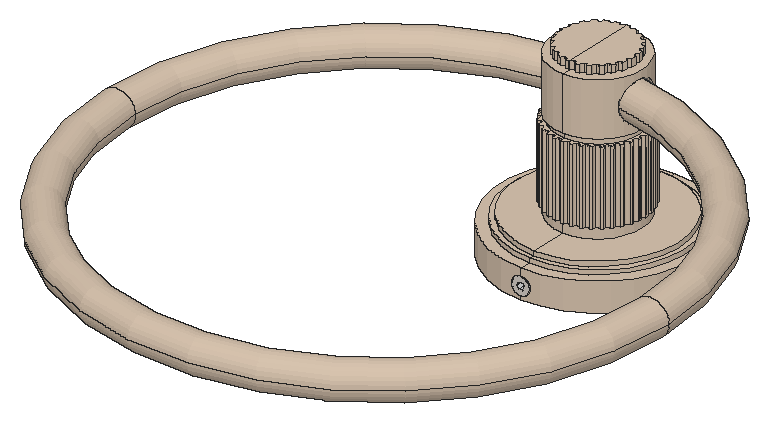
Revit family "Accessory-Towel_Ring-KALLISTA-Vir_Stil-P80246", category Specialty Equipment, host Face, Revit 2021 (continued)
Definition of nested family "P80246"
  Lines and regions (in)
    symbolic lines, detail levels medium+fine
      curve 354: arc (0.40328, -0.08768, 1.70841) -> (0.39795, -0.10935, 1.70841) -> (0.39146, -0.13071, 1.70841) r 0.4127
      curve 355: arc (0.35209, -0.11756, 1.70841) -> (0.34143, -0.14564, 1.70841) -> (0.32854, -0.17276, 1.70841) r 0.3712
      curve 356: arc (0.30294, -0.21451, 1.70841) -> (0.28865, -0.23338, 1.70841) -> (0.27319, -0.25131, 1.70841) r 0.3712
      curve 357: arc (0.23459, -0.28767, 1.70841) -> (0.21412, -0.30322, 1.70841) -> (0.19263, -0.3173, 1.70841) r 0.3712
      curve 358: arc (0.14146, -0.34319, 1.70841) -> (0.10584, -0.35579, 1.70841) -> (0.06912, -0.36471, 1.70841) r 0.3712
      curve 359: arc (0.4127, 0, 1.70841) -> (0.41224, -0.01947, 1.70841) -> (0.41086, -0.03889, 1.70841) r 0.4127
      curve 360: arc (0, -0.3712, 1.70841) -> (-0.03471, -0.36957, 1.70841) -> (-0.06912, -0.36471, 1.70841) r 0.3712
      curve 361: line (-0.06912, -0.36471, 1.70841) -> (-0.07685, -0.40548, 1.70841)
      curve 362: line (-0.14146, -0.34319, 1.70841) -> (-0.15728, -0.38156, 1.70841)
      curve 363: line (-0.19263, -0.3173, 1.70841) -> (-0.21417, -0.35278, 1.70841)
      curve 364: line (-0.23459, -0.28767, 1.70841) -> (-0.26407, -0.31715, 1.70841)
      curve 365: line (-0.27319, -0.25131, 1.70841) -> (-0.30256, -0.28067, 1.70841)
      curve 366: line (-0.30294, -0.21451, 1.70841) -> (-0.33681, -0.2385, 1.70841)
      curve 367: line (-0.32854, -0.17276, 1.70841) -> (-0.36528, -0.19208, 1.70841)
      curve 368: line (-0.35209, -0.11756, 1.70841) -> (-0.39146, -0.13071, 1.70841)
      curve 369: line (-0.36272, -0.07886, 1.70841) -> (-0.40328, -0.08768, 1.70841)
      curve 370: line (-0.36955, -0.03498, 1.70841) -> (-0.41086, -0.03889, 1.70841)
      curve 371: arc (-0.07685, -0.40548, 1.70841) -> (-0.11767, -0.39557, 1.70841) -> (-0.15728, -0.38156, 1.70841) r 0.4127
      curve 372: arc (-0.14146, -0.34319, 1.70841) -> (-0.16755, -0.33124, 1.70841) -> (-0.19263, -0.3173, 1.70841) r 0.3712
      curve 373: arc (-0.21417, -0.35278, 1.70841) -> (-0.23978, -0.3359, 1.70841) -> (-0.26407, -0.31715, 1.70841) r 0.4127
      curve 374: arc (-0.23459, -0.28767, 1.70841) -> (-0.25454, -0.27018, 1.70841) -> (-0.27319, -0.25131, 1.70841) r 0.3712
      curve 375: arc (-0.30256, -0.28067, 1.70841) -> (-0.32038, -0.26015, 1.70841) -> (-0.33681, -0.2385, 1.70841) r 0.4127
      curve 376: arc (-0.30294, -0.21451, 1.70841) -> (-0.31643, -0.19406, 1.70841) -> (-0.32854, -0.17276, 1.70841) r 0.3712
      curve 377: arc (-0.36528, -0.19208, 1.70841) -> (-0.37961, -0.16192, 1.70841) -> (-0.39146, -0.13071, 1.70841) r 0.4127
      curve 378: arc (-0.35209, -0.11756, 1.70841) -> (-0.35793, -0.09836, 1.70841) -> (-0.36272, -0.07886, 1.70841) r 0.3712
      curve 379: arc (-0.40328, -0.08768, 1.70841) -> (-0.4078, -0.0634, 1.70841) -> (-0.41086, -0.03889, 1.70841) r 0.4127
      curve 380: arc (-0.36955, -0.03498, 1.70841) -> (-0.37078, -0.01751, 1.70841) -> (-0.3712, 0, 1.70841) r 0.3712
      curve 381: circle (0, 0, 1.70841) r 0.47244 normal (0, 0, 1)
      curve 382: arc (0, -0.90158, 1.70841) -> (0.51174, -0.74227, 1.70841) -> (0.84263, -0.32065, 1.70841) r 0.90158
      curve 383: arc (0, 0.90158, 1.70841) -> (-0.6095, 0.66434, 1.70841) -> (-0.89824, 0.07748, 1.70841) r 0.90158
      curve 384: arc (0, 0.96063, 1.70841) -> (-0.65809, 0.69981, 1.70841) -> (-0.95882, 0.05898, 1.70841) r 0.96063
      curve 385: arc (0, -0.96063, 1.70841) -> (0.54641, -0.79009, 1.70841) -> (0.89881, -0.33904, 1.70841) r 0.96063
      curve 386: arc (-0.84312, -0.31936, 1.70841) -> (-0.5123, -0.74188, 1.70841) -> (0, -0.90158, 1.70841) r 0.90158
      curve 387: arc (-0.84312, -0.31936, 1.70841) -> (-0.87133, -0.32821, 1.70841) -> (-0.89944, -0.33738, 1.70841) r 2.49913
      curve 388: arc (-0.89824, 0.07748, 1.70841) -> (-0.92857, 0.06837, 1.70841) -> (-0.95882, 0.05898, 1.70841) r 3.32175
      curve 389: arc (-0.95882, 0.05898, 1.70841) -> (-1.02088, 0.0387, 1.70841) -> (-1.08254, 0.0172, 1.70841) r 3.32175
      curve 390: arc (-0.89944, -0.33738, 1.70841) -> (-0.54713, -0.78959, 1.70841) -> (0, -0.96063, 1.70841) r 0.96063
      curve 391: arc (-0.89944, -0.33738, 1.70841) -> (-0.9571, -0.35736, 1.70841) -> (-1.01427, -0.37875, 1.70841) r 2.49913
      curve 392: arc (0.89851, 0.07434, 1.70841) -> (0.61066, 0.66327, 1.70841) -> (0, 0.90158, 1.70841) r 0.90158
      curve 393: arc (0.89851, 0.07434, 1.70841) -> (0.92879, 0.06555, 1.70841) -> (0.95897, 0.05641, 1.70841) r 2.74186
      curve 394: arc (0.95897, 0.05641, 1.70841) -> (1.02102, 0.03641, 1.70841) -> (1.08257, 0.01495, 1.70841) r 2.74186
      curve 395: arc (0.95897, 0.05641, 1.70841) -> (0.65902, 0.69893, 1.70841) -> (0, 0.96063, 1.70841) r 0.96063
      curve 396: arc (0.84263, -0.32065, 1.70841) -> (0.87077, -0.32969, 1.70841) -> (0.89881, -0.33904, 1.70841) r 2.70416
      curve 397: arc (0.89881, -0.33904, 1.70841) -> (0.95638, -0.3593, 1.70841) -> (1.01348, -0.38086, 1.70841) r 2.70416
  Dimensions and locks (in)
    aligned and locked: plane 2 to level
Types (5): name | Width | Type | Model | Finish
  (no name) | 2.09843" | 1 | "P80246-00-BAF" | Kallista-Metal-BAF-Brushed_French_Gold
  BAF-Brushed French Gold | 2.09843" | 1 | "P80246-00-BAF" | Kallista-Metal-BAF-Brushed_French_Gold
  BN-Brushed Nickel | 2 25/256" | 2 | "P80246-00-BN" | Kallista-Metal-BN-Brushed_Nickel
  CP-Chrome | 2 25/256" | 3 | "P80246-00-CP" | Kallista-Metal-CP-Chrome
  SN-Polished Nickel | 2 25/256" | 4 | "P80246-00-SN" | Kallista-Metal-SN-Polished_Nickel
